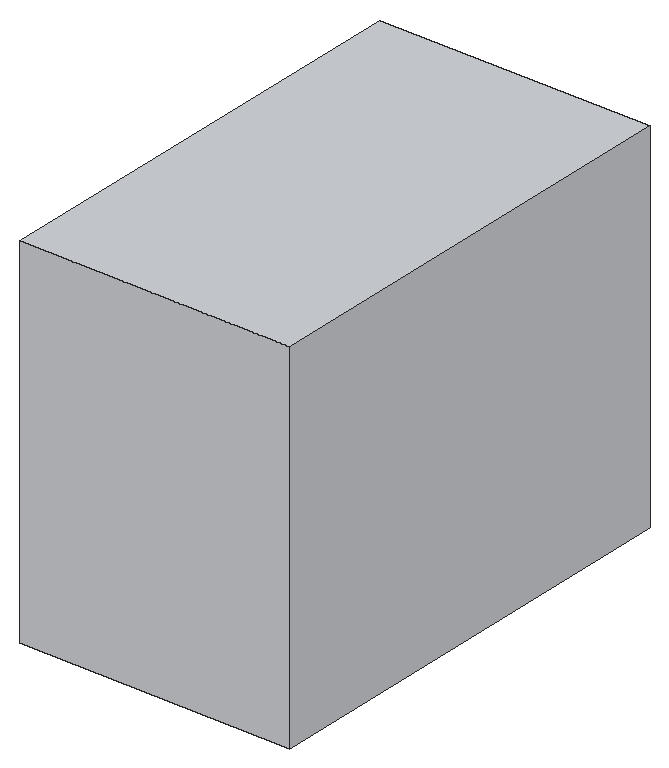
Revit family "XXX_RLT-Gerät_Kühler allgemein", category HLS-Bauteile, Revit 2014
Parameters (values of type "Allgemein")
  Breite = 500 mm
  Druckverlust [instance] = 0.00 in-wg
  Länge = 300 mm
  Höhe = 400 mm
  Widerstandsbeiwert [instance] = 0
Reference planes
  plane 1 "Mitte (Vorne/Hinten)": y = 0
  plane 2: z = 0
  plane 3 "Mitte (Links/Rechts)": x = 0
  plane 4: y = 250
  plane 5: y = -250
  plane 6: x = -150
  plane 7: x = 150
  plane 8: z = 200
  plane 9: z = -200
  plane 10: z = 230
  plane 11: y = -280
  plane 12: z = -230
  plane 13: y = 280
  plane 14: x = -145
  plane 15: x = 145
Forms (mm)
  Extrusion 1, solid, detail levels medium+fine
    sketch origin (-150, 397.271, 1219.2) x (0, 1, 0) y (0, 0, 1)
      loop
        line (-147.271, -1019.2) -> (-647.271, -1019.2) -> (-647.271, -1419.2) -> (-147.271, -1419.2) -> (-147.271, -1019.2)
    from 0 to 300
Lines and regions (mm)
  model lines, detail levels coarse
    curve 1: line (-150, 250, 0) -> (150, 250, 0)
    curve 2: line (-150, -250, 0) -> (-150, 250, 0)
    curve 3: line (150, -250, 0) -> (-150, -250, 0)
    curve 4: line (150, 250, 0) -> (150, -250, 0)
    curve 5: line (-150, -250, 0) -> (150, 250, 0)
    curve 9: line (-150, 0, 200) -> (150, 0, 200)
    curve 10: line (-150, 0, -200) -> (-150, 0, 200)
    curve 11: line (150, 0, -200) -> (-150, 0, -200)
    curve 12: line (150, 0, 200) -> (150, 0, -200)
    curve 13: line (-145, 0, -200) -> (145, 0, 200)
    curve 14: line (0, 250, 200) -> (0, -250, 200)
    curve 15: line (0, 250, -200) -> (0, 250, 200)
    curve 16: line (0, -250, -200) -> (0, 250, -200)
    curve 17: line (0, -250, 200) -> (0, -250, -200)
  model lines, detail levels medium+fine
    curve 6: line (-145, -241.667, 200) -> (145, 241.667, 200)
    curve 7: line (-145, -250, -200) -> (145, -250, 200)
    curve 8: line (-145, 250, -200) -> (145, 250, 200)
Dimensions and locks
  equal spacing: plane 6, plane 3 "Mitte (Links/Rechts)", plane 7
  "Länge": plane 6 to plane 7
  equal spacing: plane 5, plane 1 "Mitte (Vorne/Hinten)", plane 4
  equal spacing: plane 8, level, plane 9
  "Höhe": plane 8 to plane 9
  "Breite": plane 5 to plane 4
  plane 10 to plane 8 = 30 mm
  plane 12 to plane 9 = 30 mm
  plane 13 to plane 4 = 30 mm
  plane 5 to plane 11 = 30 mm
  plane 6 to plane 14 = 5 mm
  plane 15 to plane 7 = 5 mm
  aligned and locked: plane 2 to level
  aligned and locked: plane 7 to Extrusion 1
  aligned and locked: Extrusion 1 to plane 6
  aligned and locked: plane 8 to Extrusion 1
  aligned and locked: plane 9 to Extrusion 1
  aligned and locked: plane 5 to Extrusion 1
  aligned and locked: plane 4 to Extrusion 1
  aligned and locked: curve 1 to Extrusion 1
  aligned and locked: curve 2 to Extrusion 1
  aligned and locked: curve 3 to Extrusion 1
  aligned and locked: curve 4 to Extrusion 1
  aligned and locked: curve 5 to curve 6
  aligned and locked: curve 6 to curve 7
  aligned and locked: plane 14 to curve 7
  aligned and locked: curve 8 to curve 7
  aligned and locked: curve 9 to Extrusion 1
  aligned and locked: curve 10 to Extrusion 1
  aligned and locked: curve 11 to Extrusion 1
  aligned and locked: curve 12 to Extrusion 1
  aligned and locked: curve 14 to Extrusion 1
  aligned and locked: curve 15 to curve 8
  aligned and locked: curve 16 to Extrusion 1
  aligned and locked: curve 17 to curve 7
Automatic sketch dimensions
  Extrusion 1 sketch curve to plane 5 = 0 mm
  Extrusion 1 sketch curve to plane 4 = 0 mm
  plane 9 to Extrusion 1 sketch curve = 0 mm
  Extrusion 1 sketch curve to plane 8 = 0 mm
  curve 6 to plane 14 = 0 mm
  curve 6 to plane 15 = 0 mm
  curve 7 to plane 9 = 0 mm
  curve 7 to plane 15 = 0 mm
  curve 8 to plane 8 = 0 mm
  curve 8 to plane 14 = 0 mm
  curve 13 to plane 14 = 0 mm
  curve 13 to plane 15 = 0 mm
Connectors
  hvac at (-150, 0, 0), driven by "Widerstandsbeiwert", driven by "Höhe", driven by "Breite"
    settings: on Extrusion 1, index 1, duct flow 0 CFM, flow factor 0, pres drop 0.00 in-wg, loss coef 0, conn angle 0.00°, conn width 500 mm, conn height 400 mm, conn diameter 609.6 mm, duct sys type 29, conn prof type 1, flow config 0, flow direction 0, loss method 6, conn ref index 2, conn util no, is conn primary yes, conn desc ""
  hvac at (150, 0, 0), driven by "Widerstandsbeiwert", driven by "Breite", driven by "Höhe"
    settings: on Extrusion 1, index 2, duct flow 0 CFM, flow factor 0, pres drop 0.00 in-wg, loss coef 0, conn angle 0.00°, conn width 500 mm, conn height 400 mm, conn diameter 609.6 mm, duct sys type 29, conn prof type 1, flow config 0, flow direction 0, loss method 6, conn ref index 1, conn util no, is conn primary no, conn desc ""
